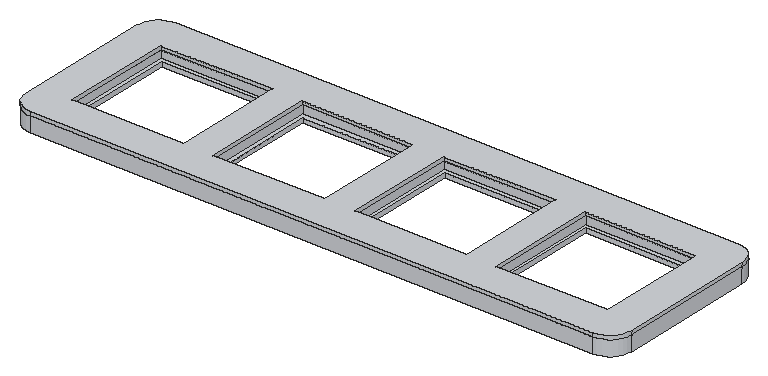
Revit family "Gira_0214416", category Electrical Fixtures, host Face, Revit 2017
Family settings
  Host = Face
  Maintain Annotation Orientation = No
  Round Connector Dimension = Use Diameter
  Part Type = Normal
  Cut with Voids When Loaded = No
  Shared = No
  Room Calculation Point = No
Parameters (values of type "Cov.fr. 4-g Gira E3 umber/p.white")
  URL = "http://katalog.gira.de/en/datenblatt.html?artikelnr=0214416"
  Transparent = "No"
  Name = "Cov.fr. 4-g Gira E3 umber/p.white"
  Manufacturer URL = "https://www.gira.de/"
  Manufacturer = "Gira"
  Keynote = ""
  HeinzeBIM = "https://bimportal.heinze.de/bim/cov-fr-4-g-gira-e3-umber-p-white/4ff625016132d157e01a89298df116887792091d"
  HAN = "0214416"
  GTIN = "4010337024422"
  Description = "Cov.fr.4g E3 UmPw,Gira E3 cover frame,umber soft touch with pure white glossy intermediate frame,4-gang,Features:,- Shatter-proof.,,Notes :,- Soft-touch surface,- NCS value: approx. NCS S 7010-Y10R"
  Default Elevation = 1219.2 mm
  Data sheet (1) = "https://katalog.gira.de/en/download.html?artikelnr=0214416"
  Category = "Cover frame for domestic switching devices"
  BIM (1) = "https://media.stage.bim.site/public/gira/36a6b08/E3_Rahmen_4fach.rfa"
  Available = "No"
Reference planes
  plane 1 "Center (Front/Back)": y = 0
  plane 2: z = 0
  plane 3 "Center (Left/Right)": x = 0
Forms (mm)
  Extrusion 1, solid, detail levels fine
    sketch origin (0, 0, 0) x (1, 0, 0) y (0, 1, 0)
      loop
        arc (-141.75, 45.809) -> (-149.535, 42.585) -> (-152.759, 34.8) r 11.009
        line (-152.759, 34.8) -> (-152.759, -34.8)
        arc (-152.759, -34.8) -> (-149.535, -42.585) -> (-141.75, -45.809) r 11.009
        line (-141.75, -45.809) -> (141.75, -45.809)
        arc (141.75, -45.809) -> (149.535, -42.585) -> (152.759, -34.8) r 11.009
        line (152.759, -34.8) -> (152.759, 34.8)
        arc (152.759, 34.8) -> (149.535, 42.585) -> (141.75, 45.809) r 11.009
        line (141.75, 45.809) -> (-141.75, 45.809)
      loop
        line (-78.85, 28.187) -> (-135.106, 28.187) -> (-135.106, -28.187) -> (-78.85, -28.187) -> (-78.85, 28.187)
      loop
        line (-63.95, 28.187) -> (-63.95, -28.187) -> (-7.695, -28.187) -> (-7.695, 28.187) -> (-63.95, 28.187)
      loop
        line (78.85, 28.187) -> (78.85, -28.187) -> (135.106, -28.187) -> (135.106, 28.187) -> (78.85, 28.187)
      loop
        line (63.95, 28.187) -> (7.695, 28.187) -> (7.695, -28.187) -> (63.95, -28.187) -> (63.95, 28.187)
    from 7.65 to 9.5
  Extrusion 2, solid, detail levels fine
    sketch origin (-107.15, 0, 0) x (1, 0, 0) y (0, 1, 0)
      loop
        line (26.1, 25.7) -> (-25.7, 25.7) -> (-25.7, -25.7) -> (26.1, -25.7) -> (26.1, 25.7)
      loop
        line (-28.187, -28.156) -> (28.187, -28.156) -> (28.187, 28.156) -> (-28.187, 28.156) -> (-28.187, -28.156)
    from 1.65 to 3.9
  Extrusion 3, solid, detail levels fine
    sketch origin (0, 0, 0) x (1, 0, 0) y (0, 1, 0)
      loop
        arc (-141.75, 45.809) -> (-149.535, 42.585) -> (-152.759, 34.8) r 11.009
        line (-152.759, 34.8) -> (-152.759, -34.8)
        arc (-152.759, -34.8) -> (-149.535, -42.585) -> (-141.75, -45.809) r 11.009
        line (-141.75, -45.809) -> (141.75, -45.809)
        arc (141.75, -45.809) -> (149.535, -42.585) -> (152.759, -34.8) r 11.009
        line (152.759, -34.8) -> (152.759, 34.8)
        arc (152.759, 34.8) -> (149.535, 42.585) -> (141.75, 45.809) r 11.009
        line (141.75, 45.809) -> (-141.75, 45.809)
      loop
        line (-150.793, 34.785) -> (-150.793, -34.785)
        arc (-150.793, -34.785) -> (-148.14, -41.19) -> (-141.735, -43.843) r 9.058
        line (-141.735, -43.843) -> (141.735, -43.843)
        arc (141.735, -43.843) -> (148.14, -41.19) -> (150.793, -34.785) r 9.058
        line (150.793, -34.785) -> (150.793, 34.785)
        arc (150.793, 34.785) -> (148.14, 41.19) -> (141.735, 43.843) r 9.058
        line (141.735, 43.843) -> (-141.735, 43.843)
        arc (-141.735, 43.843) -> (-148.14, 41.19) -> (-150.793, 34.785) r 9.058
    from 0 to 7.65
  Extrusion 4, solid, detail levels fine
    sketch origin (-35.75, 0, 0) x (1, 0, 0) y (0, 1, 0)
      loop
        line (-98.606, -31.075) -> (170.105, -31.075)
        arc (170.105, -31.075) -> (172.749, -29.98) -> (173.844, -27.337) r 3.739
        line (173.844, -27.337) -> (173.844, 27.337)
        arc (173.844, 27.337) -> (172.749, 29.98) -> (170.105, 31.075) r 3.739
        line (170.105, 31.075) -> (-98.606, 31.075)
        arc (-98.606, 31.075) -> (-101.249, 29.98) -> (-102.344, 27.337) r 3.739
        line (-102.344, 27.337) -> (-102.344, -27.337)
        arc (-102.344, -27.337) -> (-101.249, -29.98) -> (-98.606, -31.075) r 3.739
      loop
        line (-101.194, 27.537) -> (-101.194, -27.537)
        arc (-101.194, -27.537) -> (-100.495, -29.226) -> (-98.806, -29.925) r 2.389
        line (-98.806, -29.925) -> (170.305, -29.925)
        arc (170.305, -29.925) -> (171.994, -29.226) -> (172.694, -27.537) r 2.389
        line (172.694, -27.537) -> (172.694, 27.537)
        arc (172.694, 27.537) -> (171.994, 29.226) -> (170.305, 29.925) r 2.389
        line (170.305, 29.925) -> (-98.806, 29.925)
        arc (-98.806, 29.925) -> (-100.495, 29.226) -> (-101.194, 27.537) r 2.389
    from 1.65 to 7.65
  Extrusion 5, solid, detail levels fine
    sketch origin (0, 0, 0) x (1, 0, 0) y (0, 1, 0)
      loop
        line (-139.017, -39.8) -> (139.017, -39.8)
        arc (139.017, -39.8) -> (144.632, -36.708) -> (146.864, -30.7) r 9.2
        line (146.864, -30.7) -> (146.864, 30.7)
        arc (146.864, 30.7) -> (144.17, 37.205) -> (137.664, 39.9) r 9.2
        line (137.664, 39.9) -> (-137.664, 39.9)
        arc (-137.664, 39.9) -> (-144.17, 37.205) -> (-146.864, 30.7) r 9.2
        line (-146.864, 30.7) -> (-146.864, -30.7)
        arc (-146.864, -30.7) -> (-144.632, -36.708) -> (-139.017, -39.8) r 9.2
      loop
        line (-137.664, -31.7) -> (137.664, -31.7)
        arc (137.664, -31.7) -> (138.372, -31.407) -> (138.664, -30.7) r 1
        line (138.664, -30.7) -> (138.664, 30.7)
        arc (138.664, 30.7) -> (138.372, 31.407) -> (137.664, 31.7) r 1
        line (137.664, 31.7) -> (-137.664, 31.7)
        arc (-137.664, 31.7) -> (-138.372, 31.407) -> (-138.664, 30.7) r 1
        line (-138.664, 30.7) -> (-138.664, -30.7)
        arc (-138.664, -30.7) -> (-138.372, -31.407) -> (-137.664, -31.7) r 1
    from 1.65 to 3.9
  Extrusion 6, solid, detail levels fine
    sketch origin (-107.15, 0, 0) x (1, 0, 0) y (0, 1, 0)
      loop
        line (-28.187, 28.156) -> (-28.187, -28.156) -> (28.187, -28.156) -> (28.187, 28.156) -> (-28.187, 28.156)
      loop
        line (-29.925, 29.925) -> (-29.925, -29.925) -> (29.925, -29.925) -> (29.925, 29.925) -> (-29.925, 29.925)
    from 1.65 to 7.65
  Extrusion 7, solid, detail levels coarse+medium
    sketch origin (0, 0, 0) x (1, 0, 0) y (0, 1, 0)
      loop
        line (-152.759, 45.809) -> (-152.759, -45.809) -> (152.759, -45.809) -> (152.759, 45.809) -> (-152.759, 45.809)
    from 0 to 9.5
  Extrusion 8, solid, detail levels fine
    sketch origin (-35.65, 0, 0) x (-1, 0, 0) y (0, -1, 0)
      loop
        line (25.9, -25.7) -> (25.9, 25.7) -> (-25.9, 25.7) -> (-25.9, -25.7) -> (25.9, -25.7)
      loop
        line (-28.187, 28.156) -> (-28.187, -28.156) -> (28.187, -28.156) -> (28.187, 28.156) -> (-28.187, 28.156)
    from 1.65 to 3.9
  Extrusion 9, solid, detail levels fine
    sketch origin (-35.65, 0, 0) x (-1, 0, 0) y (0, -1, 0)
      loop
        line (-28.187, -28.156) -> (28.187, -28.156) -> (28.187, 28.156) -> (-28.187, 28.156) -> (-28.187, -28.156)
      loop
        line (-29.925, -29.925) -> (29.925, -29.925) -> (29.925, 29.925) -> (-29.925, 29.925) -> (-29.925, -29.925)
    from 1.65 to 7.65
  Extrusion 10, solid, detail levels fine
    sketch origin (35.85, 0, 0) x (-1, 0, 0) y (0, -1, 0)
      loop
        line (26.1, -25.7) -> (26.1, 25.7) -> (-25.7, 25.7) -> (-25.7, -25.7) -> (26.1, -25.7)
      loop
        line (-28.187, 28.156) -> (-28.187, -28.156) -> (28.187, -28.156) -> (28.187, 28.156) -> (-28.187, 28.156)
    from 1.65 to 3.9
  Extrusion 11, solid, detail levels fine
    sketch origin (35.85, 0, 0) x (-1, 0, 0) y (0, -1, 0)
      loop
        line (-28.187, -28.156) -> (28.187, -28.156) -> (28.187, 28.156) -> (-28.187, 28.156) -> (-28.187, -28.156)
      loop
        line (-29.925, -29.925) -> (29.925, -29.925) -> (29.925, 29.925) -> (-29.925, 29.925) -> (-29.925, -29.925)
    from 1.65 to 7.65
  Extrusion 12, solid, detail levels fine
    sketch origin (107.15, 0, 0) x (-1, 0, 0) y (0, -1, 0)
      loop
        line (26.1, -25.7) -> (26.1, 25.7) -> (-25.7, 25.7) -> (-25.7, -25.7) -> (26.1, -25.7)
      loop
        line (-28.187, 28.156) -> (-28.187, -28.156) -> (28.187, -28.156) -> (28.187, 28.156) -> (-28.187, 28.156)
    from 1.65 to 3.9
  Extrusion 13, solid, detail levels fine
    sketch origin (107.15, 0, 0) x (-1, 0, 0) y (0, -1, 0)
      loop
        line (-28.187, -28.156) -> (28.187, -28.156) -> (28.187, 28.156) -> (-28.187, 28.156) -> (-28.187, -28.156)
      loop
        line (-29.925, -29.925) -> (29.925, -29.925) -> (29.925, 29.925) -> (-29.925, 29.925) -> (-29.925, -29.925)
    from 1.65 to 7.65
Dimensions and locks
  aligned and locked: plane 2 to host face
  aligned and locked: level to host face
